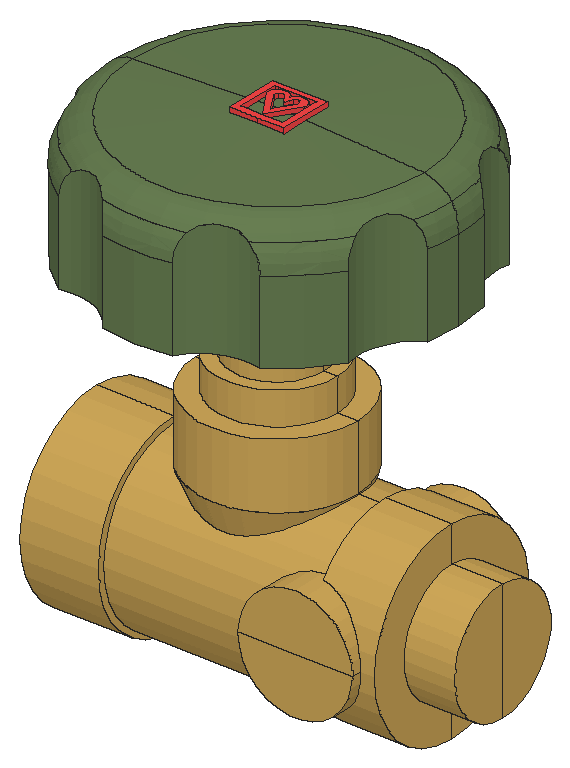
Revit family "Herz Strömax 4215 W IG-AG", category Rohrzubehör, Revit 2018
Family settings
  Bemaßung runder Anschluss = Durchmesser verwenden
  Teiletyp = Unterbricht
  OmniClass-Nummer = 23.65.55.14
  OmniClass-Titel = Valves for Liquid Services
  Arbeitsebenenbasiert = Nein
  Immer vertikal = Ja
  Beim Laden mit Abzugskörper schneiden = Nein
  Gemeinsam genutzt = Nein
Parameters
  URL = "www.herzvalves.com"
  T01 = 17.5 mm  # constant formula
  SC_NennweiteBerechnet = 0
  SC_Dimension = ""
  SCTWSEQ = "FW;SBT_TYP_FW=\"106\";2"
  SCTWCODE = "04;01;02"  # constant formula
  S03 = 60 mm  # constant formula
  S02 [instance] = H01 + H02 + H03  # 46 mm
  S01 [instance] = R01 * 2  # 32 mm
  R09 [instance] = Nennweite Aus / 2  # 10 mm
  R08 [instance] = size_lookup("4215W_", "R8", 9.5 mm, Nennweite)  # 9.5 mm
  R07 = 3 mm  # constant formula
  R06 [instance] = size_lookup("4215W_", "R6", 7.8 mm, Nennweite)  # 7.8 mm
  R05 [instance] = size_lookup("4215W_", "R5", 10.1 mm, Nennweite)  # 10.1 mm
  R04 [instance] = size_lookup("4215W_", "R4", 13.5 mm, Nennweite)  # 13.5 mm
  R03 = 15 mm  # constant formula
  R02 [instance] = Nennweite / 2  # 7.5 mm
  R01 = 16 mm  # constant formula
  Part number = 2412561  # constant formula
  Note = "Pursuant to Article 33 of the REACH Regulation (EC No. 1907/2006), we are obliged to point out that the material lead is listed on the SVHC list and that all brass components manufactured in our products exceed 0.1% (w / w) lead (CAS: 7439-92-1 / EINECS: 231-100-4).\r\nSince lead is a component part of an alloy, actual exposure is not possible and therefore no additional information on safe use is necessary."
  Nennweite Aus [instance] = 20 mm  # constant formula
  Nennweite [instance] = 15 mm  # constant formula
  Min. flow at Dp 10 kPa [instance] = if(Nennweite = 15 mm, 0.2, if(Nennweite = 20 mm, 0.4, if(Nennweite = 25 mm, 0.7, if(Nennweite = 32 mm, 1.2, if(Nennweite = 40 mm, 1.6, if(Nennweite = 50 mm, 2.7, 0))))))  # 0.2
  Medium = "Water"  # constant formula
  Max. operating temperature = 90 °C  # constant formula
  Max. operating pressure = 1000000.0 Pa  # constant formula
  Max. differential pressure on closed seat = 1000000.0 Pa  # constant formula
  L06 = 18 mm  # constant formula
  L05 = 8.5 mm  # constant formula
  L04 = 37.5 mm  # constant formula
  L03 = 17 mm  # constant formula
  L02 = 12 mm  # constant formula
  L01 = 13 mm  # constant formula
  L00 = 30 mm  # constant formula
  Hersteller = "HERZ Armaturen Ges.m.b.H"  # constant formula
  Hand wheel = "plastic, green"  # constant formula
  H04 = 21 mm  # constant formula
  H03 = 14.6 mm  # constant formula
  H02 = 5.4 mm  # constant formula
  H01 = 26 mm  # constant formula
  H00 [instance] = H01 + H02 + H03  # 46 mm
  O-Rings = "EPDM"  # constant formula
  Body = "DZR brass acc. to EN1982"  # constant formula
  Application = "For shutting off drinking water pipes and systems in buildings."
Reference planes
  plane 1 "Mitte (Vorne/hinten)": y = 0
  plane 2: z = 0
  plane 3 "Mitte (Links/rechts)": x = 0
Forms (mm)
  Revolve 1, solid, material "Messing, weicher Gelbton, geschweißt", detail levels fine
    sketch origin (470, 0, 0) x (1, 0, 0) y (0, 0, 1)
      loop
        line (-500, 7.5) -> (-488, 7.5) -> (-488, 0) -> (-432.5, 0) -> (-432.5, 10) -> (-441, 10) -> (-441, 16) -> (-452, 16) -> (-452, 15) -> (-487, 15) -> (-487, 16) -> (-500, 16) -> (-500, 7.5)
      axis (-500, 0) -> (-432.5, 0)
    angle from 0 to 360
  Revolve 2, solid, material "Messing, weicher Gelbton, geschweißt", detail levels fine
    sketch origin (0, 0, 0) x (1, 0, 0) y (0, 0, 1)
      loop
        line (0, 0) -> (0, 46) -> (-7.8, 46) -> (-7.8, 31.4) -> (-10.1, 31.4) -> (-10.1, 26) -> (-13.5, 26) -> (-13.5, 15) -> (-7.5, 0) -> (0, 0)
      axis (0, 46) -> (0, 0)
    angle from 0 to 360
  Revolve 3, solid, material "Messing, weicher Gelbton, geschweißt", detail levels fine
    sketch origin (0, 0, 0) x (1, 0, 0) y (0, 1, 0)
      loop
        line (17, -17.5) -> (26.5, -17.5) -> (26.5, -7.5) -> (20, -7.5) -> (20, 7.5) -> (26.5, 7.5) -> (26.5, 17.5) -> (17, 17.5) -> (17, -17.5)
      axis (17, 17.5) -> (17, -17.5)
    angle from 0 to 360
Lines and regions (mm)
  model lines, detail levels coarse+medium
    curve 1: line (-30, 0, 16) -> (-30, 0, -16)
    curve 2: line (-30, 0, -16) -> (37.5, 0, 16)
    curve 3: line (37.5, 0, 16) -> (37.5, 0, -16)
    curve 4: line (37.5, 0, -16) -> (-30, 0, 16)
    curve 5: line (3.75, 0, 0) -> (3.75, 0, 46)
    curve 6: line (-26.25, 0, 46) -> (33.75, 0, 46)
    curve 7: line (-30, -16, 0) -> (-30, 16, 0)
    curve 8: line (-30, 16, 0) -> (37.5, -16, 0)
    curve 9: line (37.5, -16, 0) -> (37.5, 16, 0)
    curve 10: line (37.5, 16, 0) -> (-30, -16, 0)
    curve 11: line (3.75, 0, 0) -> (3.75, 46, 0)
    curve 12: line (-26.25, 46, 0) -> (33.75, 46, 0)
Dimensions and locks
  "R01": Revolve 1 sketch curve to Revolve 1 sketch curve  (x2)
  "R02": Revolve 1 sketch curve to Revolve 1 sketch curve
  "L01": Revolve 1 sketch curve to Revolve 1 sketch curve
  "L02": Revolve 1 sketch curve to Revolve 1 sketch curve
  "R03": Revolve 1 sketch curve to Revolve 1 sketch curve
  "R03": Revolve 2 sketch curve to Revolve 2 sketch curve
  "R02": Revolve 2 sketch curve to Revolve 2 sketch curve
  "R04": Revolve 2 sketch curve to Revolve 2 sketch curve
  "R05": Revolve 2 sketch curve to Revolve 2 sketch curve
  "R06": Revolve 2 sketch curve to Revolve 2 sketch curve
  "H01": Revolve 2 sketch curve to plane 2
  "T01": Revolve 3 sketch curve to plane 1 "Mitte (Vorne/hinten)" to Revolve 3 sketch curve
  "R02": Revolve 3 sketch curve to plane 1 "Mitte (Vorne/hinten)"
  "R02": plane 1 "Mitte (Vorne/hinten)" to Revolve 3 sketch curve
  "R07": Revolve 3 sketch curve to Revolve 3 sketch curve
  "R08": Revolve 3 sketch curve to Revolve 3 sketch curve
  "H02": Revolve 2 sketch curve to Revolve 2 sketch curve
  "H03": Revolve 2 sketch curve to Revolve 2 sketch curve
  "L00": plane 3 "Mitte (Links/rechts)" to Revolve 1 sketch curve
  "L04": Revolve 1 sketch curve to plane 3 "Mitte (Links/rechts)"
  "R09": Revolve 1 sketch curve to Revolve 1 sketch curve
  "L03": plane 3 "Mitte (Links/rechts)" to Revolve 3 sketch curve
  "L05": Revolve 1 sketch curve to Revolve 1 sketch curve
  "L06": Revolve 1 sketch curve to plane 3 "Mitte (Links/rechts)"
  "H00": nested 1 to plane 2
  "H04": nested 2 to Revolve 2
  equal spacing: curve 3, plane 2, curve 4
  "S01": curve 3 to curve 4
  equal spacing: curve 4, plane 2, curve 2
  "S01": curve 2 to curve 4
  "L00": curve 1 to plane 3 "Mitte (Links/rechts)"
  "L04": plane 3 "Mitte (Links/rechts)" to curve 3
  equal spacing: Revolve 1, curve 5, curve 3
  "S02": curve 5 to plane 2
  equal spacing: curve 6, curve 5, curve 6
  "S03": curve 6 to curve 6
  equal spacing: curve 10, plane 1 "Mitte (Vorne/hinten)", curve 8
  equal spacing: curve 9, plane 1 "Mitte (Vorne/hinten)", curve 10
  "S01": curve 8 to curve 7
  "S01": curve 10 to curve 9
  "L04": plane 3 "Mitte (Links/rechts)" to curve 9
  "L00": curve 7 to plane 3 "Mitte (Links/rechts)"
  equal spacing: curve 12, curve 11, curve 12
  equal spacing: curve 7, curve 11, curve 9
  "S03": curve 12 to curve 12
  "S02": plane 1 "Mitte (Vorne/hinten)" to curve 11
  aligned and locked: level to plane 2
Automatic sketch dimensions
  Revolve 1 sketch curve to level = 0 mm  (x2)
  Revolve 1 sketch curve to Revolve 1 sketch curve = 791.99 mm
  Revolve 1 sketch curve to Revolve 1 sketch curve = 2278.983 mm
  Revolve 2 sketch curve to level = 0 mm
  Revolve 2 sketch curve to plane 3 "Mitte (Links/rechts)" = 0 mm  (x2)
  Revolve 2 sketch curve to level = 366.045 mm
  Revolve 2 sketch curve to Revolve 2 sketch curve = 2165.278 mm
  Revolve 3 sketch curve to Revolve 3 sketch curve = 9.5 mm
  Revolve 3 sketch curve to Revolve 3 sketch curve = 0 mm
  Revolve 3 sketch curve to Revolve 3 sketch curve = 4.553 mm
  Revolve 3 sketch curve to Revolve 3 sketch curve = 3.768 mm
Nested families
  nested 1: "Strömax-Handrad (Grün)" at (0.258, 0, 46), type "Strömax-Handrad (Grün)", detail levels fine
    with Nennweite 0 mm, Gewicht 0.00 kg, Bestellnummer 0
  nested 2: "Herz-Logo" at (0.258, 0, 67), type "Herz-Logo", detail levels fine
Connectors
  piping at (-18, 0, 0), diameter 15, driven by "Nennweite"
    settings: on Revolve 1, index 1, connector inside diameter 609.6 mm, connector length 0 mm, flow factor 0, pipe flow 0.0 L/s, pressure drop 0.0 Pa, fitting loss kfactor 0, connector angle 0.00°, fixture units 0, engagement length 0 mm, angle of deflection 0.00°, flow configuration 0, flow direction 1, fitting loss method 0, system type 29, joint type 0, gender type 0, connector reference index -1, connector utility 0, adjustable connector no, is connector primary yes, connector description ""
  piping at (37.5, 0, 0), diameter 20, driven by "Nennweite Aus"
    settings: on Revolve 1, index 2, connector inside diameter 609.6 mm, connector length 0 mm, flow factor 0, pipe flow 0.0 L/s, pressure drop 0.0 Pa, fitting loss kfactor 0, connector angle 0.00°, fixture units 0, engagement length 0 mm, angle of deflection 0.00°, flow configuration 0, flow direction 2, fitting loss method 0, system type 29, joint type 0, gender type 0, connector reference index -1, connector utility 0, adjustable connector no, is connector primary no, connector description ""
Definition of nested family "Strömax-Handrad (Grün)"
  Parameters (values of type "Strömax-Handrad (Grün)")
    URL = "www.herz-armaturen.at"
    Nennweite [instance] = 0 mm
    Manufacturer = "Herz Armaturen GmbH"  # constant formula
    Gewicht [instance] = 0.00 kg
    Bestellnummer [instance] = 0
  Reference planes
    plane 1 "Mitte (Vorne/hinten)": y = 0
    plane 2: z = 0
    plane 3 "Mitte (Links/rechts)": x = 0
  Forms (mm)
    Revolve 1, solid
      sketch origin (0, 0, 0) x (1, 0, 0) y (0, 0, 1)
        loop
          line (0, 0) -> (0, 22)
          arc (0, 22) -> (-12.15, 21.705) -> (-24.271, 20.819) r 250
          arc (-24.271, 20.819) -> (-26.831, 19.959) -> (-28.754, 18.063) r 6
          arc (-28.754, 18.063) -> (-29.682, 16.008) -> (-30, 13.776) r 8
          line (-30, 13.776) -> (-30, 0) -> (0, 0)
        axis (0, 22) -> (0, 0)
      angle from 0 to 360
    Extrusion 2, void
      sketch origin (0, 0, 0) x (1, 0, 0) y (0, 1, 0)
        loop
          circle (14.351, -34.645) r 10
      from 0 to 22
    Extrusion 3, void
      sketch origin (0, 0, 0) x (-1, 0, 0) y (0, -1, 0)
        loop
          circle (14.351, 34.645) r 10
      from 0 to 22
    Extrusion 4, void
      sketch origin (0, 0, 0) x (0, -1, 0) y (1, 0, 0)
        loop
          circle (14.351, 34.645) r 10
      from 0 to 22
    Extrusion 5, void
      sketch origin (0, 0, 0) x (0, 1, 0) y (-1, 0, 0)
        loop
          circle (14.351, -34.645) r 10
      from 0 to 22
    Extrusion 6, void
      sketch origin (0, 0, 0) x (0, -1, 0) y (1, 0, 0)
        loop
          circle (14.351, -34.645) r 10
      from 0 to 22
    Extrusion 7, void
      sketch origin (0, 0, 0) x (0, 1, 0) y (-1, 0, 0)
        loop
          circle (14.351, 34.645) r 10
      from 0 to 22
    Extrusion 8, void
      sketch origin (0, 0, 0) x (1, 0, 0) y (0, 1, 0)
        loop
          circle (14.351, 34.645) r 10
      from 0 to 22
    Extrusion 9, void
      sketch origin (0, 0, 0) x (-1, 0, 0) y (0, -1, 0)
        loop
          circle (14.351, -34.645) r 10
      from 0 to 22
  Cuts and joins
    Extrusion 2, Extrusion 3, Extrusion 4, Extrusion 5, Extrusion 6, Extrusion 7, Extrusion 8, Extrusion 9 cuts Revolve 1
  Dimensions and locks
    aligned and locked: level to plane 2
Definition of nested family "Herz-Logo"
  Reference planes
    plane 1 "Mitte (Vorne/hinten)": y = 0
    plane 2: z = 0
    plane 3 "Mitte (Links/rechts)": x = 0
  Forms (mm)
    Extrusion 1, solid
      sketch origin (0, 0, 0) x (1, 0, 0) y (0, 1, 0)
        loop
          line (-0.018, -4.517) -> (4.482, -4.517) -> (4.482, 4.483) -> (-4.518, 4.483) -> (-4.518, -4.517) -> (-0.018, -4.517)
        loop
          line (-0.05, -3.48) -> (3.482, -3.48) -> (3.482, 3.483) -> (-3.518, 3.483) -> (-3.518, -3.48) -> (-0.05, -3.48)
        loop
          arc (-0.018, 2.383) -> (-1.543, 3.287) -> (-3.067, 2.383) r 1.738
          arc (-3.067, 2.383) -> (-3.191, 1.899) -> (-3.067, 1.415) r 1.009
          line (-3.067, 1.415) -> (-0.018, -3.281) -> (3.032, 1.415)
          arc (3.032, 1.415) -> (3.156, 1.899) -> (3.032, 2.383) r 1.009
          arc (3.032, 2.383) -> (1.507, 3.287) -> (-0.018, 2.383) r 1.738
        loop
          arc (1.885, 1.272) -> (2.005, 1.675) -> (1.885, 2.079) r 0.74
          arc (1.885, 2.079) -> (1.265, 2.416) -> (0.644, 2.079) r 0.74
          line (0.644, 2.079) -> (-0.018, 0.97) -> (-0.679, 2.079)
          arc (-0.679, 2.079) -> (-1.3, 2.416) -> (-1.921, 2.079) r 0.74
          arc (-1.921, 2.079) -> (-2.04, 1.675) -> (-1.921, 1.272) r 0.74
          line (-1.921, 1.272) -> (-0.018, -1.658) -> (1.885, 1.272)
      from 0 to 1.5
  Dimensions and locks
    aligned and locked: level to plane 2
